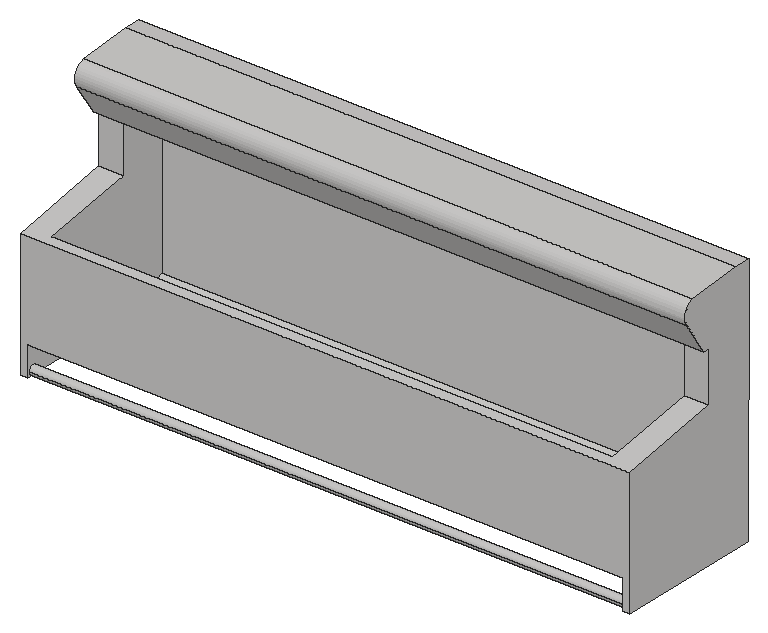
Revit family "DCS_Revit_18_BC-BOTTLEAC-25_Bottle_Holder_9000079A", category Specialty Equipment, Revit 2018
Family settings
  Round Connector Dimension = Use Diameter
  Part Type = Normal
  OmniClass Number = 23.40.40.14.24.11
  OmniClass Title = Bar Equipment
  Work Plane-Based = No
  Always vertical = Yes
  Cut with Voids When Loaded = Yes
  Shared = No
  Room Calculation Point = No
Parameters (values of type "Bottle Holder")
  Visibility - Cover = no
  Visibility - Clearance Required = yes
  Visibility - BC25 Beverage Chiller = no
  URL = "www.dcsappliances.com"
  Product - Width = 670 mm  # constant formula
  Product - Height = 306 mm  # constant formula
  Product - Depth = 710 mm  # constant formula
  Model = "BC-BOTTLEAC-25"
  Material - Body = DCS - Stainless Steel
  Manufacturer = "Fisher & Paykel"
  Description = "Series 7, Beverage Chiller Bottle Holder Accessory"
  Connector Description - Sanitary = ""
  Cavity - Width = 615 mm  # constant formula
  Cavity - Height = 250 mm  # constant formula
  Cavity - Depth = 535 mm  # constant formula
Types (4, lengths in mm): name | Visibility - Cover | Visibility - BC25 Beverage Chiller | Connector Description - Sanitary
  (no name) | no | no | ""
  Bottle Holder | no | no | ""
  Bottle Holder with BC25 Beverage Chiller (without cover) | no | yes | "1-1/2” NPS male thread"
  Bottle Holder with BC25 Beverage Chiller | yes | yes | ""
Reference planes
  plane 1 "Center (Front/Back)": y = 0
  plane 2: z = 0
  plane 3 "Center (Left/Right)": x = 0
  plane 4 "Cavity - Height": z = -250
  plane 5 "Product - Height": z = 57
  plane 6 "Product LHS": x = -335
  plane 7 "Product RHS": x = 335
  plane 8 "Product Rear": y = 278.5
  plane 9 "Product Front": y = -431.5
  plane 10 "Cavity Front": y = -267.5
  plane 11 "Cavity Rear": y = 267.5
  plane 12 "Cavity LHS": x = -307.5
  plane 13 "Cavity RHS": x = 307.5
Forms (mm)
  Sweep 1, void
    path origin (0, 120.5, 0) x (1, 0, 0) y (0, 0, 1)
      loop
        line (0, -249) -> (0, -394)
        arc (0, -394) -> (45, -439) -> (90, -394) r 45
        line (90, -394) -> (90, -354)
        arc (90, -354) -> (103.18, -322.18) -> (135, -309) r 45
        line (135, -309) -> (175, -309)
    profile origin (0, 120.5, -321.5) x (0, -1, 0) y (1, 0, 0)
      loop
        circle (0, 0) r 25
  Extrusion 2, void
    sketch origin (0, 0, 0) x (1, 0, 0) y (0, 1, 0)
      loop
        line (-307.5, -267.5) -> (307.5, -267.5) -> (307.5, 267.5) -> (-307.5, 267.5) -> (-307.5, -267.5)
    from -250 to 0
Text (mm)
  text "Due to ongoing product development, product details are subject to change without notice. \nPlease always refer to https://www.dcsappliances.com for the most current product information. \n© DCS by Fisher & Paykel Appliances Ltd 2020" at (41.04, -702.724, 0), in view "Ref. Level (Plan)"
Dimensions and locks
  equal spacing: plane 6 "Product LHS", plane 3 "Center (Left/Right)", plane 7 "Product RHS"
  "Product - Width": plane 6 "Product LHS" to plane 7 "Product RHS"
  equal spacing: plane 10 "Cavity Front", plane 1 "Center (Front/Back)", plane 11 "Cavity Rear"
  "Cavity - Depth": plane 10 "Cavity Front" to plane 11 "Cavity Rear"
  equal spacing: plane 12 "Cavity LHS", plane 3 "Center (Left/Right)", plane 13 "Cavity RHS"
  "Cavity - Width": plane 12 "Cavity LHS" to plane 13 "Cavity RHS"
  "Cavity - Height": level to plane 4 "Cavity - Height"
  locked: plane 8 "Product Rear" to plane 1 "Center (Front/Back)" at 278.5
  "Product - Depth": plane 8 "Product Rear" to plane 9 "Product Front"
  aligned and locked: level to plane 2
Automatic sketch dimensions
  Sweep 1 sketch curve to plane 3 "Center (Left/Right)" = 0 mm
  Sweep 1 sketch curve to Sweep 1 sketch curve = 45 mm  (x2)
  Sweep 1 sketch curve to plane 4 "Cavity - Height" = 144 mm
  Sweep 1 sketch curve to Sweep 1 sketch curve = 40 mm  (x2)
  plane 4 "Cavity - Height" to Sweep 1 sketch curve = 1 mm
  Sweep 1 sketch curve to profile plane = 0 mm
  profile plane to Sweep 1 sketch curve = 0 mm
  Extrusion 2 sketch curve to plane 11 "Cavity Rear" = 0 mm
  Extrusion 2 sketch curve to plane 12 "Cavity LHS" = 0 mm
  Extrusion 2 sketch curve to plane 13 "Cavity RHS" = 0 mm
  Extrusion 2 sketch curve to plane 10 "Cavity Front" = 0 mm
  radius of Sweep 1 sketch curve = 25 mm
Nested families
  nested 1: "DCS_Bottle_Holder_Series_7" at (0, -277.5, 0), type "DCS_Bottle_Holder_Series_7"
  nested 2: "DCS_Beverage_Chiller" at (0, 0, 0), visible <- "Visibility - BC25 Beverage Chiller", type "DCS_Beverage_Chiller"
  nested 3: "DCS_Cover_Beverage_Chiller" at (0, 0, 0), visible <- "Visibility - Cover", type "DCS_Cover_Beverage_Chiller"
Connectors
  piping at (175, 120.5, -309), diameter 51
    settings: on Sweep 1, index 1, connector inside diameter 609.6 mm, connector length 0 mm, flow factor 0, pipe flow 0.0 L/s, pressure drop 0.0 Pa, fitting loss kfactor 0, connector angle 0.00°, fixture units 0, engagement length 0 mm, angle of deflection 0.00°, flow configuration 0, flow direction 2, fitting loss method 0, system type 16, joint type 0, gender type 0, connector reference index -1, connector utility 0, adjustable connector no, is connector primary yes, connector description ""
Definition of nested family "DCS_Bottle_Holder_Series_7"
  Parameters (values of type "DCS_Bottle_Holder_Series_7")
    URL = "www.dcsappliances.com"
    Product - Width = 636 mm  # constant formula
    Product - Height = 264 mm  # constant formula
    Product - Depth = 154 mm  # constant formula
    Material - Body = none
    Manufacturer = "Fisher & Paykel Appliances"
  Reference planes
    plane 1 "Center (Front/Back)": y = 0
    plane 2: z = 0
    plane 3 "Center (Left/Right)": x = 0
    plane 4 "Product - Height": z = -250
    plane 5 "Product LHS": x = -318
    plane 6 "Product RHS": x = 318
    plane 7 "Product - Front": y = -154
  Forms (mm)
    Extrusion 1, solid, material <- "Material - Body"
      sketch origin (0, 0, 0) x (0, 1, 0) y (0, 0, 1)
        loop
          line (-154.029, -249.9) -> (0, -249.9) -> (0, 14) -> (-16.569, 14)
          arc (-16.569, 14) -> (-44.336, 12.667) -> (-71.848, 8.68) r 289.86
          arc (-71.848, 8.68) -> (-82.053, 0.343) -> (-80.733, -12.768) r 13.92
          line (-80.733, -12.768) -> (-57.583, -47.091) -> (-51.3, -47.091) -> (-51.3, -99.945) -> (-154.029, -118.059) -> (-154.029, -249.9)
      from -318 to 318
    Extrusion 2, void
      sketch origin (0, 0, 0) x (0, 1, 0) y (0, 0, 1)
        loop
          line (-51.3, -47.091) -> (-51.3, -99.945) -> (-144.264, -116.337) -> (-144.264, -216.318) -> (-112.418, -210.7)
          arc (-112.418, -210.7) -> (-102.11, -212.331) -> (-94.992, -219.963) r 16.027
          line (-94.992, -219.963) -> (-82.451, -248.192) -> (-1.968, -212.437) -> (-1.968, -47.091) -> (-51.3, -47.091)
      from -292.6 to 292.6
    Extrusion 3, void
      sketch origin (0, 0, 0) x (0, 1, 0) y (0, 0, 1)
        loop
          line (-111.507, -211.66) -> (-154.029, -219.157) -> (-154.029, -249.9) -> (-82.864, -249.9) -> (-96.286, -219.753)
          arc (-96.286, -219.753) -> (-102.503, -213.086) -> (-111.507, -211.66) r 14
        loop
          circle (-148.04, -244.766) r 4.75
      from -310 to 310
  Cuts and joins
    Extrusion 2, Extrusion 3 cuts Extrusion 1
  Text (mm)
    text "Due to ongoing product development, product details are subject to change without notice. \nPlease always refer to www.fisherpaykel.com for the most current product information. \n© Fisher & Paykel 2020" at (40.64, -602.409, 0), in view "Ref. Level (Plan)"
  Dimensions and locks
    equal spacing: plane 5 "Product LHS", plane 3 "Center (Left/Right)", plane 6 "Product RHS"
    "Product - Width": plane 5 "Product LHS" to plane 6 "Product RHS"
    "Product - Depth": plane 7 "Product - Front" to plane 1 "Center (Front/Back)"
    aligned and locked: level to plane 2
    aligned and locked: plane 5 "Product LHS" to Extrusion 1
    aligned and locked: Extrusion 1 to plane 6 "Product RHS"
  Automatic sketch dimensions
    plane 7 "Product - Front" to Extrusion 3 sketch curve = 0.029 mm
    Extrusion 3 sketch curve to plane 7 "Product - Front" = 42.493 mm
    Extrusion 3 sketch curve to Extrusion 3 sketch curve = 2.431 mm
    plane 4 "Product - Height" to Extrusion 3 sketch curve = 30.247 mm
    Extrusion 3 sketch curve to Extrusion 3 sketch curve = 12.79 mm
    plane 4 "Product - Height" to Extrusion 3 sketch curve = 0.1 mm
    Extrusion 3 sketch curve to Extrusion 3 sketch curve = 13.423 mm
    plane 4 "Product - Height" to Extrusion 3 sketch curve = 5.234 mm
    Extrusion 3 sketch curve to Extrusion 3 sketch curve = 5.694 mm
    Extrusion 3 sketch curve to Extrusion 3 sketch curve = 25.608 mm
    Extrusion 3 sketch curve to plane 7 "Product - Front" = 5.96 mm
    Extrusion 2 sketch curve to plane 7 "Product - Front" = 9.736 mm
    Extrusion 2 sketch curve to Extrusion 2 sketch curve = 31.846 mm
    Extrusion 2 sketch curve to Extrusion 2 sketch curve = 2.785 mm
    Extrusion 2 sketch curve to Extrusion 2 sketch curve = 14.641 mm
    plane 4 "Product - Height" to Extrusion 2 sketch curve = 1.808 mm
    Extrusion 2 sketch curve to Extrusion 2 sketch curve = 12.541 mm
    plane 1 "Center (Front/Back)" to Extrusion 2 sketch curve = 51.3 mm
    plane 1 "Center (Front/Back)" to Extrusion 2 sketch curve = 1.968 mm
    plane 4 "Product - Height" to Extrusion 2 sketch curve = 23.517 mm
    Extrusion 2 sketch curve to Extrusion 2 sketch curve = 6.52 mm
    Extrusion 2 sketch curve to Extrusion 2 sketch curve = 5.618 mm
    Extrusion 2 sketch curve to Extrusion 2 sketch curve = 94.363 mm
    Extrusion 2 sketch curve to Extrusion 2 sketch curve = 16.392 mm
    Extrusion 2 sketch curve to level = 47.091 mm
    Extrusion 1 sketch curve to plane 1 "Center (Front/Back)" = 0 mm
    plane 1 "Center (Front/Back)" to Extrusion 1 sketch curve = 16.569 mm
    plane 1 "Center (Front/Back)" to Extrusion 1 sketch curve = 51.3 mm
    Extrusion 1 sketch curve to level = 4.984 mm
    Extrusion 1 sketch curve to Extrusion 1 sketch curve = 17.893 mm
    Extrusion 1 sketch curve to level = 12.768 mm
    Extrusion 1 sketch curve to Extrusion 1 sketch curve = 11.54 mm
    plane 7 "Product - Front" to Extrusion 1 sketch curve = 0.029 mm
    Extrusion 1 sketch curve to Extrusion 1 sketch curve = 42.106 mm
    Extrusion 1 sketch curve to Extrusion 1 sketch curve = 52.854 mm
    Extrusion 1 sketch curve to Extrusion 1 sketch curve = 18.114 mm
    plane 4 "Product - Height" to Extrusion 1 sketch curve = 0.1 mm
    Extrusion 1 sketch curve to plane 4 "Product - Height" = 25.86 mm
    level to Extrusion 1 sketch curve = 14 mm
    Extrusion 1 sketch curve to Extrusion 1 sketch curve = 6.283 mm
    radius of Extrusion 3 sketch curve = 4.75 mm
Definition of nested family "DCS_Beverage_Chiller"
  Parameters (values of type "DCS_Beverage_Chiller")
    Visibility - Clearance Required = yes
    URL = "www.dcsappliances.com"
    Product - Width = 670 mm  # constant formula
    Product - Height = 306 mm  # constant formula
    Product - Depth = 557 mm  # constant formula
    Model = "BC25"
    Material - Body = none
    Manufacturer = "Fisher & Paykel"
    Description = "BC25 Bottle Chiller"
    Chassis - Width = 608 mm  # constant formula
    Chassis - Height = 249 mm  # constant formula
    Chassis - Depth = 529 mm  # constant formula
    Cavity - Width = 615 mm  # constant formula
    Cavity - Height = 250 mm  # constant formula
    Cavity - Depth = 535 mm  # constant formula
  Reference planes
    plane 1 "Center (Front/Back)": y = 0
    plane 2: z = 0
    plane 3 "Center (Left/Right)": x = 0
    plane 4 "Cavity - Height": z = -250
    plane 5 "Product - Height": z = 57
    plane 6 "Product LHS": x = -335
    plane 7 "Product RHS": x = 335
    plane 8 "Product Rear": y = 278.5
    plane 9 "Product Front": y = -278.5
    plane 10 "Cavity Front": y = -267.5
    plane 11 "Cavity Rear": y = 267.5
    plane 12 "Cavity LHS": x = -307.5
    plane 13 "Cavity RHS": x = 307.5
  Forms (mm)
    Extrusion 1, solid, material <- "Material - Body"
      sketch origin (0, 0, 0) x (1, 0, 0) y (0, 1, 0)
        loop
          line (-304, 264.5) -> (-304, -264.5) -> (304, -264.5) -> (304, 264.5) -> (-304, 264.5)
      from -249 to -229
    Extrusion 2, solid, material <- "Material - Body"
      sketch origin (0, 0, 0) x (1, 0, 0) y (0, 1, 0)
        loop
          arc (-272.527, 240.45) -> (-283.841, 235.764) -> (-288.527, 224.45) r 16
          line (-288.527, 224.45) -> (-288.527, -224.25)
          arc (-288.527, -224.25) -> (-283.841, -235.564) -> (-272.527, -240.25) r 16
          line (-272.527, -240.25) -> (255.473, -240.25)
          arc (255.473, -240.25) -> (266.786, -235.564) -> (271.473, -224.25) r 16
          line (271.473, -224.25) -> (271.473, 224.45)
          arc (271.473, 224.45) -> (266.786, 235.764) -> (255.473, 240.45) r 16
          line (255.473, 240.45) -> (-272.527, 240.45)
        loop
          line (-303, 264.05) -> (-303, -263.95) -> (303, -263.95) -> (303, 264.05) -> (-303, 264.05)
      from -209.2 to 14
    Extrusion 3, solid, material <- "Material - Body"
      sketch origin (0, 0, 0) x (1, 0, 0) y (0, 1, 0)
        loop
          line (-303, 264.05) -> (-303, -263.95) -> (303, -263.95) -> (303, 264.05) -> (-303, 264.05)
      from -229 to -209.2
    Extrusion 4, solid, material <- "Material - Body"
      sketch origin (0, 0, 0) x (1, 0, 0) y (0, 1, 0)
        loop
          line (318, -277.5) -> (318, 277.5) -> (-318, 277.5) -> (-318, -277.5) -> (318, -277.5)
        loop
          line (-303, 259.55) -> (-303, -263.95) -> (303, -263.95) -> (303, 259.55) -> (-303, 259.55)
      from 0 to 14
    Sweep 5, solid, material <- "Material - Body"
      path in 3D
        loop
          arc (-272.527, 240.45, -209.2) -> (-283.841, 235.764, -209.2) -> (-288.527, 224.45, -209.2) r 16
          line (-288.527, 224.45, -209.2) -> (-288.527, -224.25, -209.2)
          arc (-288.527, -224.25, -209.2) -> (-283.841, -235.564, -209.2) -> (-272.527, -240.25, -209.2) r 16
          line (-272.527, -240.25, -209.2) -> (255.473, -240.25, -209.2)
          arc (255.473, -240.25, -209.2) -> (266.786, -235.564, -209.2) -> (271.473, -224.25, -209.2) r 16
          line (271.473, -224.25, -209.2) -> (271.473, 224.45, -209.2)
          arc (271.473, 224.45, -209.2) -> (266.786, 235.764, -209.2) -> (255.473, 240.45, -209.2) r 16
          line (255.473, 240.45, -209.2) -> (-272.527, 240.45, -209.2)
      profile origin (-8.527, 240.45, -209.2) x (0, 1, 0) y (0, 0, -1)
        loop
          line (0, 0) -> (-14, 0)
          arc (-14, 0) -> (-4.101, -4.101) -> (0, -14) r 14
          line (0, -14) -> (0, 0)
    Extrusion 6, void
      sketch origin (0, 0, 0) x (1, 0, 0) y (0, 1, 0)
        loop
          circle (0, 120.5) r 22.1
      from -249 to -195.2
    Extrusion 7, solid
      sketch origin (0, 0, 0) x (1, 0, 0) y (0, 1, 0)
        loop
          circle (0, 120.5) r 22.1
        loop
          circle (0, 120.5) r 23.2
      from -274 to -249
    Extrusion 8, void
      sketch origin (0, 0, 0) x (1, 0, 0) y (0, 1, 0)
        loop
          circle (0, 120.5) r 35
      from -210 to -209.2
    Sweep 9, solid, detail levels coarse
      path origin (0, 120.5, 0) x (1, 0, 0) y (0, 0, 1)
        loop
          line (0, -249) -> (0, -394)
          arc (0, -394) -> (45, -439) -> (90, -394) r 45
          line (90, -394) -> (90, -354)
          arc (90, -354) -> (103.18, -322.18) -> (135, -309) r 45
          line (135, -309) -> (175, -309)
      profile origin (0, 120.5, -321.5) x (0, -1, 0) y (1, 0, 0)
        loop
          circle (0, 0) r 25
    Extrusion 10, solid, detail levels coarse
      sketch origin (0, 0, 0) x (1, 0, 0) y (0, 1, 0)
        loop
          line (-307.5, -267.5) -> (307.5, -267.5) -> (307.5, 267.5) -> (-307.5, 267.5) -> (-307.5, -267.5)
      from -250 to 0
  Cuts and joins
    Extrusion 6 cuts Extrusion 2
    Extrusion 6, Extrusion 8 cuts Extrusion 3
    joined: Extrusion 2, Extrusion 3, Extrusion 4, Sweep 5
  Lines and regions (mm)
    sketch lines
      curve 1: line (255.473, 240.45, -209.2) -> (-272.527, 240.45, -209.2)
      curve 2: arc (-288.527, 224.45, -209.2) -> (-283.841, 235.764, -209.2) -> (-272.527, 240.45, -209.2) r 16
      curve 3: line (-288.527, 224.45, -209.2) -> (-288.527, -224.25, -209.2)
      curve 4: arc (-272.527, -240.25, -209.2) -> (-283.841, -235.564, -209.2) -> (-288.527, -224.25, -209.2) r 16
      curve 5: line (-272.527, -240.25, -209.2) -> (255.473, -240.25, -209.2)
      curve 6: arc (271.473, -224.25, -209.2) -> (266.786, -235.564, -209.2) -> (255.473, -240.25, -209.2) r 16
      curve 7: line (271.473, -224.25, -209.2) -> (271.473, 224.45, -209.2)
      curve 8: arc (255.473, 240.45, -209.2) -> (266.786, 235.764, -209.2) -> (271.473, 224.45, -209.2) r 16
  Text (mm)
    text "Due to ongoing product development, product details are subject to change without notice. \nPlease always refer to https://www.dcsappliances.com for the most current product information. \n© DCS by Fisher & Paykel Appliances Ltd 2020" at (41.04, -702.724, 0), in view "Ref. Level (Plan)"
  Dimensions and locks
    equal spacing: plane 6 "Product LHS", plane 3 "Center (Left/Right)", plane 7 "Product RHS"
    "Product - Width": plane 6 "Product LHS" to plane 7 "Product RHS"
    equal spacing: cut or joined group of Extrusion 2, Extrusion 3, Extrusion 4, Sweep 5, Extrusion 6, Extrusion 8, plane 1 "Center (Front/Back)", cut or joined group of Extrusion 2, Extrusion 3, Extrusion 4, Sweep 5, Extrusion 6, Extrusion 8
    equal spacing: Extrusion 1, plane 1 "Center (Front/Back)", Extrusion 1
    equal spacing: cut or joined group of Extrusion 2, Extrusion 3, Extrusion 4, Sweep 5, Extrusion 6, Extrusion 8, plane 3 "Center (Left/Right)", cut or joined group of Extrusion 2, Extrusion 3, Extrusion 4, Sweep 5, Extrusion 6, Extrusion 8
    equal spacing: Extrusion 1, plane 3 "Center (Left/Right)", Extrusion 1
    equal spacing: plane 10 "Cavity Front", plane 1 "Center (Front/Back)", plane 11 "Cavity Rear"
    "Cavity - Depth": plane 10 "Cavity Front" to plane 11 "Cavity Rear"
    equal spacing: plane 12 "Cavity LHS", plane 3 "Center (Left/Right)", plane 13 "Cavity RHS"
    "Cavity - Width": plane 12 "Cavity LHS" to plane 13 "Cavity RHS"
    equal spacing: plane 8 "Product Rear", plane 1 "Center (Front/Back)", plane 9 "Product Front"
    "Product - Depth": plane 8 "Product Rear" to plane 9 "Product Front"
    "Cavity - Height": level to plane 4 "Cavity - Height"
    "Chassis - Height": level to Extrusion 1
    "Chassis - Width": Extrusion 1 to Extrusion 1
    "Chassis - Depth": Extrusion 1 to Extrusion 1
    Extrusion 4 sketch curve to Extrusion 4 sketch curve = 555 mm
    Extrusion 7 to plane 5 "Product - Height" = 331 mm
    "Product - Height": Extrusion 1 to plane 5 "Product - Height"
    cut or joined group of Extrusion 2, Extrusion 3, Extrusion 4, Sweep 5, Extrusion 6, Extrusion 8 to cut or joined group of Extrusion 2, Extrusion 3, Extrusion 4, Sweep 5, Extrusion 6, Extrusion 8 = 636 mm
    aligned and locked: level to plane 2
    aligned and locked: plane 10 "Cavity Front" to Extrusion 10 sketch curve
    aligned and locked: Extrusion 10 sketch curve to plane 12 "Cavity LHS"
    aligned and locked: Extrusion 10 sketch curve to plane 11 "Cavity Rear"
    aligned and locked: plane 13 "Cavity RHS" to Extrusion 10 sketch curve
    aligned and locked: level to Extrusion 10
  Automatic sketch dimensions
    plane 12 "Cavity LHS" to Extrusion 1 sketch curve = 3.5 mm
    Extrusion 1 sketch curve to plane 13 "Cavity RHS" = 3.5 mm
    Extrusion 1 sketch curve to plane 10 "Cavity Front" = 3 mm
    plane 11 "Cavity Rear" to Extrusion 1 sketch curve = 3 mm
    plane 12 "Cavity LHS" to Extrusion 2 sketch curve = 4.5 mm
    plane 12 "Cavity LHS" to Extrusion 2 sketch curve = 18.973 mm
    Extrusion 2 sketch curve to Extrusion 2 sketch curve = 16 mm  (x3)
    Extrusion 2 sketch curve to plane 13 "Cavity RHS" = 52.027 mm  (x2)
    Extrusion 2 sketch curve to plane 10 "Cavity Front" = 27.25 mm
    Extrusion 2 sketch curve to plane 13 "Cavity RHS" = 4.5 mm
    Extrusion 2 sketch curve to plane 10 "Cavity Front" = 3.55 mm
    plane 11 "Cavity Rear" to Extrusion 2 sketch curve = 43.05 mm
    plane 11 "Cavity Rear" to Extrusion 2 sketch curve = 3.45 mm
    plane 12 "Cavity LHS" to Extrusion 3 sketch curve = 4.5 mm
    Extrusion 3 sketch curve to plane 13 "Cavity RHS" = 4.5 mm
    Extrusion 3 sketch curve to plane 10 "Cavity Front" = 3.55 mm
    plane 11 "Cavity Rear" to Extrusion 3 sketch curve = 3.45 mm
    plane 9 "Product Front" to Extrusion 4 sketch curve = 1 mm
    Extrusion 4 sketch curve to plane 12 "Cavity LHS" = 10.5 mm
    plane 12 "Cavity LHS" to Extrusion 4 sketch curve = 4.5 mm
    Extrusion 4 sketch curve to plane 13 "Cavity RHS" = 4.5 mm
    plane 13 "Cavity RHS" to Extrusion 4 sketch curve = 10.5 mm
    Extrusion 4 sketch curve to plane 10 "Cavity Front" = 3.55 mm
    plane 11 "Cavity Rear" to Extrusion 4 sketch curve = 7.95 mm
    profile plane to Sweep 5 sketch curve = 0 mm
    Sweep 5 sketch curve to profile plane = 0 mm
    profile plane to Sweep 5 sketch curve = 14 mm
    Extrusion 6 sketch curve to plane 3 "Center (Left/Right)" = 0 mm
    Extrusion 6 sketch curve to plane 1 "Center (Front/Back)" = 120.5 mm
    Extrusion 7 sketch curve to Extrusion 7 sketch curve = 0 mm  (x2)
    Extrusion 7 sketch curve to plane 3 "Center (Left/Right)" = 0 mm
    Extrusion 7 sketch curve to plane 1 "Center (Front/Back)" = 120.5 mm
    Extrusion 8 sketch curve to plane 3 "Center (Left/Right)" = 0 mm
    Extrusion 8 sketch curve to plane 1 "Center (Front/Back)" = 120.5 mm
    Sweep 9 sketch curve to plane 3 "Center (Left/Right)" = 0 mm
    Sweep 9 sketch curve to Sweep 9 sketch curve = 45 mm  (x2)
    Sweep 9 sketch curve to plane 4 "Cavity - Height" = 144 mm
    Sweep 9 sketch curve to Sweep 9 sketch curve = 40 mm  (x2)
    plane 4 "Cavity - Height" to Sweep 9 sketch curve = 1 mm
    Sweep 9 sketch curve to profile plane = 0 mm
    profile plane to Sweep 9 sketch curve = 0 mm
    radius of Extrusion 6 sketch curve = 22.1 mm
    radius of Extrusion 7 sketch curve = 22.1 mm
    radius of Extrusion 7 sketch curve = 23.2 mm
    radius of Extrusion 8 sketch curve = 35 mm
    radius of Sweep 9 sketch curve = 25 mm
Definition of nested family "DCS_Cover_Beverage_Chiller"
  Parameters (values of type "DCS_Cover_Beverage_Chiller")
    URL = "www.dcsappliances.com"
    Product - Width = 670 mm  # constant formula
    Product - Height = 306 mm  # constant formula
    Product - Depth = 557 mm  # constant formula
    Model = "BC25"
    Material - Body = none
    Manufacturer = "Fisher & Paykel"
    Description = "BC25 Bottle Chiller"
  Reference planes
    plane 1 "Center (Front/Back)": y = 0
    plane 2: z = 0
    plane 3 "Center (Left/Right)": x = 0
    plane 4 "Product - Height": z = 57
    plane 5 "Product LHS": x = -335
    plane 6 "Product RHS": x = 335
    plane 7 "Product Rear": y = 278.5
    plane 8 "Product Front": y = -278.5
  Forms (mm)
    Extrusion 1, solid, material <- "Material - Body"
      sketch origin (0, 0, 0) x (1, 0, 0) y (0, 0, 1)
        loop
          line (-335, 57) -> (-335, 36.354) -> (-323.46, 36.354) -> (-323.46, 8.11) -> (-319.764, 8.11) -> (-319.764, 23.11) -> (319.764, 23.11) -> (319.764, 8.11) -> (323.46, 8.11) -> (323.46, 36.354) -> (335, 36.354) -> (335, 57) -> (-335, 57)
      from -278.5 to 278.5
    Extrusion 2, solid, material <- "Material - Body"
      sketch origin (0, 0, 0) x (1, 0, 0) y (0, 1, 0)
        loop
          line (-319.764, 277.496) -> (319.764, 277.496) -> (319.764, 278.5) -> (-319.764, 278.5) -> (-319.764, 277.496)
        loop
          line (-319.764, -277.496) -> (-319.764, -278.5) -> (319.764, -278.5) -> (319.764, -277.496) -> (-319.764, -277.496)
      from 8.11 to 23.11
  Cuts and joins
    joined: Extrusion 1, Extrusion 2
  Text (mm)
    text "Due to ongoing product development, product details are subject to change without notice. \nPlease always refer to https://www.dcsappliances.com for the most current product information. \n© DCS by Fisher & Paykel Appliances Ltd 2020" at (41.04, -702.724, 0), in view "Ref. Level (Plan)"
  Dimensions and locks
    equal spacing: plane 5 "Product LHS", plane 3 "Center (Left/Right)", plane 6 "Product RHS"
    "Product - Width": plane 5 "Product LHS" to plane 6 "Product RHS"
    equal spacing: plane 7 "Product Rear", plane 1 "Center (Front/Back)", plane 8 "Product Front"
    "Product - Depth": plane 7 "Product Rear" to plane 8 "Product Front"
    aligned and locked: level to plane 2
    aligned and locked: Extrusion 1 sketch curve to plane 6 "Product RHS"
    aligned and locked: plane 7 "Product Rear" to cut or joined group of Extrusion 1, Extrusion 2
    aligned and locked: plane 8 "Product Front" to cut or joined group of Extrusion 1, Extrusion 2
    aligned and locked: plane 7 "Product Rear" to Extrusion 2 sketch curve
    aligned and locked: Extrusion 2 to cut or joined group of Extrusion 1, Extrusion 2  (x5)
    aligned and locked: cut or joined group of Extrusion 1, Extrusion 2 to Extrusion 2
    aligned and locked: plane 4 "Product - Height" to cut or joined group of Extrusion 1, Extrusion 2
  Automatic sketch dimensions
    plane 5 "Product LHS" to Extrusion 1 sketch curve = 0 mm
    Extrusion 1 sketch curve to plane 5 "Product LHS" = 11.54 mm
    Extrusion 1 sketch curve to Extrusion 1 sketch curve = 3.696 mm  (x2)
    level to Extrusion 1 sketch curve = 8.11 mm  (x2)
    Extrusion 1 sketch curve to Extrusion 1 sketch curve = 15 mm
    Extrusion 1 sketch curve to Extrusion 1 sketch curve = 13.244 mm  (x2)
    Extrusion 1 sketch curve to Extrusion 1 sketch curve = 20.646 mm
    Extrusion 2 sketch curve to plane 8 "Product Front" = 0 mm
    Extrusion 2 sketch curve to plane 7 "Product Rear" = 1.004 mm
    plane 8 "Product Front" to Extrusion 2 sketch curve = 1.004 mm
    Extrusion 2 sketch curve to plane 5 "Product LHS" = 15.236 mm  (x2)
    plane 6 "Product RHS" to Extrusion 1 sketch curve = 15.236 mm
    plane 6 "Product RHS" to Extrusion 2 sketch curve = 15.236 mm  (x2)
